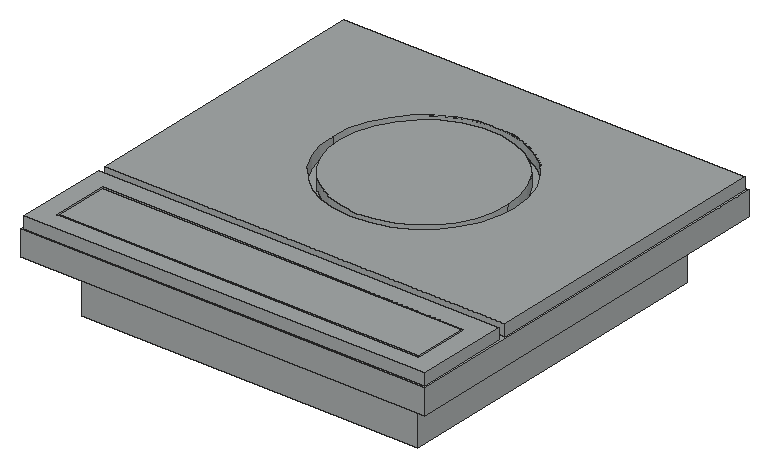
Revit family "Gira_5531920", category Electrical Fixtures, host Face, Revit 2017
Family settings
  Host = Face
  Maintain Annotation Orientation = Yes
  Round Connector Dimension = Use Diameter
  Part Type = Normal
  Cut with Voids When Loaded = No
  Shared = No
  Room Calculation Point = No
Parameters (values of type "Call-btn mod.1-g System 106 stainl.steel")
  Width = "0.1065"
  URL = "http://katalog.gira.de/en/datenblatt.html?artikelnr=5531920"
  Number of bell buttons = "1"
  Name = "Call-btn mod.1-g System 106 stainl.steel"
  Model = "Sys106_Abdeckung_Schalten und Tasten"
  Manufacturer URL = "https://www.gira.de/"
  Manufacturer = "Gira"
  Installation technique = "Bus system"
  HeinzeBIM = "https://bimportal.heinze.de/bim/call-btn-mod-1-g-system-106-stainl-steel/17fcc6dc8e3985ba345b4bc6b40c2d8fa8b448fb"
  Height = "0.1065"
  HAN = "5531920"
  GTIN = "4010337022626"
  Edelstahl [instance] = Edelstahl
  Description = "C.btn mod.1g S106 SST,System 106 call-button module,1-gang,Stainless steel,The Gira System 106 is an installation system made of metal in a puristic and elegant frameless design, based on basic measurements of 106.5 × 106.5 mm. With the modular door intercom in Gira System 106, hospitality begins even before you reach the front door. All the functions are presented in a harmonious overall appearance, from the call button module, intercom module, and camera module, up to the info and blank module. In the dark, backlit call buttons with inscription space ensure good legibility and an attractive appearance.,,Individually adaptable modular system, The System 106 can be used in family homes or apartment buildings, as well as in office buildings, industrial properties, and hotels. The modular design enables the system's size, design, and functionality to be individually adapted to the respective requirements. Expansions and changes are possible at any time by easily exchanging the modules.,With this system, it is also possible to exchange the fronts only. This means that the appearance of the system can be changed from e.g. traffic white to a stainless steel surface at a later stage, without having to exchange the electronic units.,,High-quality materials,The modules are frameless with design fronts made of genuine materials, available in two brushed stainless steel versions (V2A and V4A), anodised aluminium C-0, and a metal alloy lacquered in traffic white (RAL 9016): all robust materials which ensure durability. The camera and DIN 18040 display module feature a black glass cover.,,Easy and phased installation,The system can be installed in phases, in parallel to the progress of building work. In this way, it is possible to initially install only the lower part of a surface-mounted housing during construction of the shell; cables and modules can then be added when they are needed.,,Individual inscription options,Call button modules and info modules can be labelled individually via the Gira inscription service.,,Features:,- Easy-to-use, vandal-proof, and scratch-resistant call buttons.,- Function changes, e.g. from 2-gang to 4-gang, can be easily realised by replacing the buttons.,- Various inscription options possible.,,Notes :,- Professional labelling with the Gira Inscription Service www.marking.gira.com."
  Default Elevation = 1219.2 mm
  Data sheet (1) = "https://katalog.gira.de/en/download.html?artikelnr=5531920"
  Category = "Functional module for door communication"
  BIM (1) = "https://media.stage.bim.site/public/gira/36a6b08/Sys106_Abdeckung_Schalten und Tasten.rfa?public/gira/36a6b08/Sys106_Abdeckung_Schalten und Tasten.rfa"
  Available = "No"
Reference planes
  plane 1 "Center (Front/Back)": y = 0
  plane 2 "Reference Level 0": z = 0
  plane 3 "Center (Left/Right)": x = 0
  plane 4 "Reference Level 1": z = 9.5
Forms (mm)
  Extrusion 1, solid, material "Edelstahl" <- "Edelstahl", detail levels coarse
    sketch origin (0, 0, 0) x (1, 0, 0) y (0, 1, 0)
      loop
        line (-53, 53) -> (-53, -53) -> (53, -53) -> (53, 53) -> (-53, 53)
    from -14.7 to 9.5
  Extrusion 2, solid, material "Edelstahl" <- "Edelstahl", detail levels fine
    sketch origin (0, 0, 0) x (1, 0, 0) y (0, 1, 0)
      loop
        line (52.5, -28) -> (-52.5, -28) -> (-52.5, -52.5) -> (52.5, -52.5) -> (52.5, -28)
      loop
        line (-47.5, -48) -> (47.5, -48) -> (47.5, -33) -> (-47.5, -33) -> (-47.5, -48)
    from 6.5 to 9.5
  Extrusion 3, solid, material "Edelstahl" <- "Edelstahl", detail levels fine
    sketch origin (0, 0, 0) x (1, 0, 0) y (0, 1, 0)
      loop
        line (-52.5, 52.5) -> (-52.5, -26) -> (52.5, -26) -> (52.5, 52.5) -> (-52.5, 52.5)
      loop
        circle (0, 13) r 24
    from 6.5 to 9.5
  Extrusion 4, solid, material "Edelstahl" <- "Edelstahl", detail levels medium+fine
    sketch origin (0, 0, 0) x (1, 0, 0) y (0, 1, 0)
      loop
        line (-53, 53) -> (-53, -53) -> (53, -53) -> (53, 53) -> (-53, 53)
    from 0 to 6.5
  Extrusion 5, solid, material "Edelstahl" <- "Edelstahl", detail levels fine
    sketch origin (0, 0, 0) x (1, 0, 0) y (0, 1, 0)
      loop
        line (-44, 44) -> (-44, -44) -> (44, -44) -> (44, 44) -> (-44, 44)
    from -14.7 to 0
  Extrusion 6, solid, material "Edelstahl" <- "Edelstahl", detail levels fine
    sketch origin (0, 0, 0) x (1, 0, 0) y (0, 1, 0)
      loop
        circle (0, 13) r 22
    from 6.5 to 9.5
  Extrusion 7, solid, material "Edelstahl" <- "Edelstahl", detail levels fine
    sketch origin (0, 0, 0) x (1, 0, 0) y (0, 1, 0)
      loop
        line (-47, -33.5) -> (-47, -47.5) -> (47, -47.5) -> (47, -33.5) -> (-47, -33.5)
    from 6.5 to 9.5
  Extrusion 8, solid, material "Edelstahl" <- "Edelstahl", detail levels medium
    sketch origin (0, 0, 0) x (1, 0, 0) y (0, 1, 0)
      loop
        line (-52.5, 52.5) -> (-52.5, -26) -> (52.5, -26) -> (52.5, 52.5) -> (-52.5, 52.5)
      loop
        line (-52.5, -28) -> (-52.5, -52.5) -> (52.5, -52.5) -> (52.5, -28) -> (-52.5, -28)
    from 6.5 to 9.5
  Extrusion 9, solid, material "Edelstahl" <- "Edelstahl", detail levels medium
    sketch origin (0, 0, 0) x (1, 0, 0) y (0, 1, 0)
      loop
        circle (0, 13) r 24
      loop
        line (-47.5, -33) -> (-47.5, -48) -> (47.5, -48) -> (47.5, -33) -> (-47.5, -33)
    from 6.5 to 9.5
Dimensions and locks
  aligned and locked: plane 2 "Reference Level 0" to host face
  aligned and locked: level to host face
  aligned and locked: Extrusion 4 to host face
  aligned and locked: Extrusion 4 to level
  aligned and locked: level to Extrusion 5
  aligned and locked: level to Extrusion 4
  aligned and locked: Extrusion 4 to plane 2 "Reference Level 0"
  aligned and locked: plane 2 "Reference Level 0" to Extrusion 5
  aligned and locked: plane 3 "Center (Left/Right)" to nested 1
  aligned and locked: plane 1 "Center (Front/Back)" to nested 1
Nested families
  nested 1: "Schalter" at (0, 0, 0), type "Schalter"
Connectors
  electrical at (0, 0, -14.7)
    settings: on Extrusion 5, index 1, voltage 220 V, apparent load 0 VA, apparent load phase1 0 VA, apparent load phase2 0 VA, apparent load phase3 0 VA, power factor 1, load classification "Other", number of poles 1, system type 30, power factor state 1, is connector primary yes, connector utility no, sub classification motor no, connector description ""
Definition of nested family "Schalter"
  Reference planes
    plane 1: y = 0
    plane 2: x = 0
  Lines and regions (mm)
    detail lines
      curve 1: circle (1.375, 2.778, 0) r 0.8 normal (0, 0, 1)
      curve 2: line (1.021, 2.061, 0) -> (0, 0, 0)
      curve 3: line (0, 0, 0) -> (-0.538, 0.266, 0)
  Dimensions and locks
    curve 2 to curve 2 = 2.3 mm
    curve 3 to curve 2 = 0.6 mm
    radius of curve 1 = 0.8 mm
